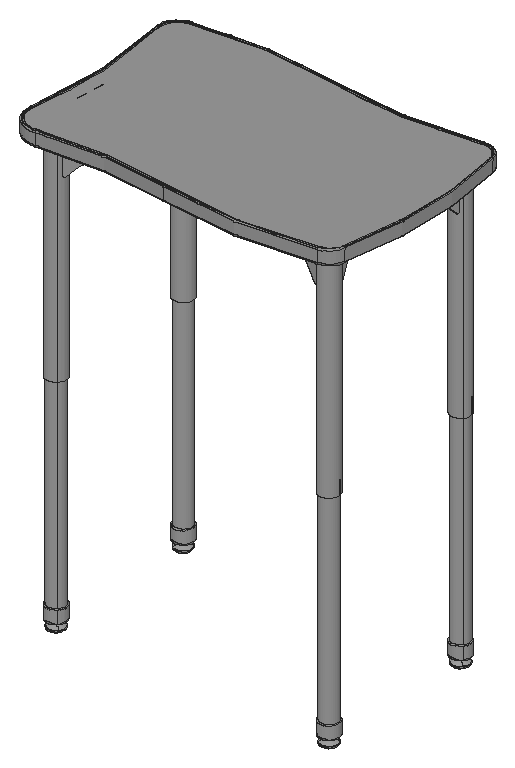
Revit family "Porcelain Steel Creator Rectangle Desk - Standing Height", category Furniture, Revit 2018
Family settings
  Work Plane-Based = No
  Always vertical = Yes
  Cut with Voids When Loaded = No
  Shared = No
  Room Calculation Point = No
Parameters
  Desk Height = 3' - 5"
  Leg Finish = Hierarchy Leg Platinum
  Caster/Glide = Hierarchy Standing Leg - Glide : Hierarchy Standing Leg - Glide
Reference planes (in)
  plane 1 "Center (Front/Back)": y = 0
  plane 2: z = 0
  plane 3 "Center (Left/Right)": x = 0
  plane 4: z = 41
Dimensions and locks (in)
  "Desk Height": plane 4 to level
  aligned and locked: plane 2 to level
  aligned and locked: plane 4 to nested 1
Nested families (in)
  nested 1: "Porcelain Creator Rectangle Desk Tabletop" at (0, 0, 27.70205), type "Porcelain Creator Rectangle Desk Tabletop"
  nested 2: "Hierarchy Standing Leg - Glide" at (-12.46997, 8.01382, 0) x (0.7071, 0.7071, 0) z (0, 0, 1), type <- "Caster/Glide", Leg Finish <- "Leg Finish", Leg Height <- "Desk Height", type "Hierarchy Standing Leg - Glide"
  nested 3: "Hierarchy Standing Leg - Glide" at (-12.30961, -6.90175, 0) x (-0.7076, 0.7066, 0) z (0, 0, 1), type <- "Caster/Glide", Leg Finish <- "Leg Finish", Leg Height <- "Desk Height", type "Hierarchy Standing Leg - Glide"
  nested 4: "Hierarchy Standing Leg - Glide" at (13.78827, -7.92976, 0) x (-0.7242, -0.6896, 0) z (0, 0, 1), Leg Finish <- "Leg Finish", Leg Height <- "Desk Height", type "Hierarchy Standing Leg - Glide"
    with Leg Height 3' - 5", Leg Finish Hierarchy Leg Platinum
  nested 5: "Hierarchy Standing Leg - Glide" at (13.85397, 7.21279, 0) x (0.8121, -0.5836, 0) z (0, 0, 1), Leg Finish <- "Leg Finish", Leg Height <- "Desk Height", type "Hierarchy Standing Leg - Glide"
    with Leg Height 3' - 5", Leg Finish Hierarchy Leg Platinum
Definition of nested family "Porcelain Creator Rectangle Desk Tabletop"
  Parameters (values of type "Porcelain Creator Rectangle Desk Tabletop")
    Surface = none
    Edgeband = none
  Reference planes (in)
    plane 1 "Center (Front/Back)": y = 0
    plane 2: z = 0
    plane 3 "Center (Left/Right)": x = 0
  Forms (in)
    Extrusion 1, solid
      sketch origin (39.28513, -9.17802, 0) x (1, 0, 0) y (0, 1, 0)
        loop
          arc (-39.26399, 18.96346) -> (-46.05969, 19.73649) -> (-52.88567, 19.3061) r 38.85945
          arc (-52.88567, 19.3061) -> (-54.02285, 18.59597) -> (-54.28701, 17.28155) r 1.69291
          arc (-54.28701, 17.28155) -> (-53.44497, 9.9208) -> (-54.00674, 2.53336) r 39.09331
          arc (-54.00674, 2.53336) -> (-53.42548, 0.60971) -> (-51.53698, -0.07724) r 2.24409
          arc (-51.53698, -0.07724) -> (-45.35606, 0.14649) -> (-39.21721, -0.60741) r 39.09331
          arc (-39.21721, -0.60741) -> (-32.03838, -1.38819) -> (-24.83904, -0.82723) r 38.85945
          arc (-24.83904, -0.82723) -> (-23.96336, -0.38874) -> (-23.47703, 0.4613) r 1.69291
          arc (-23.47703, 0.4613) -> (-22.48778, 8.89749) -> (-23.35512, 17.34709) r 38.85945
          arc (-23.35512, 17.34709) -> (-24.05391, 18.38814) -> (-25.27727, 18.66292) r 1.69291
          arc (-25.27727, 18.66292) -> (-32.28418, 18.18244) -> (-39.26399, 18.96346) r 39.09331
      from 13.30541 to 14.53375
    Sweep 2, solid
      path origin (39.28513, -9.17802, 0) x (1, 0, 0) y (0, 1, 0)
        loop
          arc (-39.26399, 18.96346) -> (-46.05969, 19.73649) -> (-52.88567, 19.3061) r 38.85945
          arc (-52.88567, 19.3061) -> (-54.02285, 18.59597) -> (-54.28701, 17.28155) r 1.69291
          arc (-54.28701, 17.28155) -> (-53.44497, 9.9208) -> (-54.00674, 2.53336) r 39.09331
          arc (-54.00674, 2.53336) -> (-53.42548, 0.60971) -> (-51.53698, -0.07724) r 2.24409
          arc (-51.53698, -0.07724) -> (-45.35606, 0.14649) -> (-39.21721, -0.60741) r 39.09331
          arc (-39.21721, -0.60741) -> (-32.03838, -1.38819) -> (-24.83904, -0.82723) r 38.85945
          arc (-24.83904, -0.82723) -> (-23.96336, -0.38874) -> (-23.47703, 0.4613) r 1.69291
          arc (-23.47703, 0.4613) -> (-22.48778, 8.89749) -> (-23.35512, 17.34709) r 38.85945
          arc (-23.35512, 17.34709) -> (-24.05391, 18.38814) -> (-25.27727, 18.66292) r 1.69291
          arc (-25.27727, 18.66292) -> (-32.28418, 18.18244) -> (-39.26399, 18.96346) r 39.09331
      profile origin (-6.77456, 10.55846, 0) x (-0.025146, -0.999684, 0) y (0, 0, 1)
        loop
          line (0, 13.34147) -> (0, 14.50949) -> (0.10571, 14.50949) -> (0.10571, 14.54167)
          arc (0.10571, 14.54167) -> (0.07218, 14.56143) -> (0.03507, 14.57312) r 0.1716
          line (0.03507, 14.57312) -> (-0.03244, 14.57312)
          arc (-0.03244, 14.57312) -> (-0.10136, 14.54458) -> (-0.12991, 14.47566) r 0.09746
          line (-0.12991, 14.47566) -> (-0.12991, 13.3753)
          arc (-0.12991, 13.3753) -> (-0.10137, 13.30639) -> (-0.03246, 13.27785) r 0.09745
          line (-0.03246, 13.27785) -> (0.02521, 13.27783)
          arc (0.02521, 13.27783) -> (0.04767, 13.28412) -> (0.06645, 13.29795) r 0.06478
          line (0.06645, 13.29795) -> (0.06645, 13.34147) -> (0, 13.34147)
  Dimensions and locks (in)
    aligned and locked: plane 2 to level
Definition of nested family "Hierarchy Standing Leg - Glide"
  Parameters (values of type "Hierarchy Standing Leg - Glide")
    Leg Finish [instance] = none
    Leg Height [instance] = 3' - 5"
  Reference planes (in)
    plane 1 "Center (Front/Back)": y = 0
    plane 2: z = 0
    plane 3 "Center (Left/Right)": x = 0
  Forms (in)
    Extrusion 1, solid
      sketch origin (-0.01562, 0, 0) x (1, 0, 0) y (0, 1, 0)
        loop
          circle (0.01563, 0) r 0.79147
      from 2 to 23.175
    Revolve 2, solid
      sketch origin (0, 0, 0) x (1, 0, 0) y (0, 0, 1)
        loop
          line (0, 2) -> (0, 0.74937) -> (0.84838, 0.74937)
          arc (0.84838, 0.74937) -> (0.89342, 0.76803) -> (0.91207, 0.81306) r 0.06369
          line (0.91207, 0.81306) -> (0.91207, 1.93631)
          arc (0.91207, 1.93631) -> (0.89342, 1.98134) -> (0.84838, 2) r 0.06369
          line (0.84838, 2) -> (0, 2)
        axis (0, 2) -> (0, 0.74937)
      angle from 0 to 360
    Revolve 3, solid
      sketch origin (0, 0, 0) x (1, 0, 0) y (0, 0, 1)
        loop
          line (0, 0.75) -> (0, 0) -> (0.74583, 0) -> (0.79147, 0.09013) -> (0.79147, 0.16241) -> (0.12474, 0.5) -> (0.12474, 0.75) -> (0, 0.75)
        axis (0, 0.75) -> (0, 0)
      angle from 0 to 360
  Dimensions and locks (in)
    "Leg Height": nested 1 to level
    aligned and locked: plane 2 to level
  Automatic sketch dimensions
    plane 1 "Center (Front/Back)" to Extrusion 1 sketch curve = 0' - 0"
    Extrusion 1 sketch curve to plane 3 "Center (Left/Right)" = 0' - 0"
    Revolve 2 sketch curve to plane 3 "Center (Left/Right)" = 0' - 0"  (x2)
    plane 3 "Center (Left/Right)" to Revolve 2 sketch curve = 0' - 0.84838"
    Revolve 2 sketch curve to Revolve 2 sketch curve = 0' - 0.84838"
    Revolve 2 sketch curve to Revolve 2 sketch curve = 0' - 0.06369"
    level to Revolve 2 sketch curve = 0' - 0.74937"
    Revolve 2 sketch curve to Revolve 2 sketch curve = 0' - 1.12324"
    Revolve 2 sketch curve to Revolve 2 sketch curve = 0' - 0.13731"
    Revolve 2 sketch curve to Revolve 2 sketch curve = 0' - 0 3/4"
    Revolve 3 sketch curve to plane 3 "Center (Left/Right)" = 0' - 0"  (x2)
    Revolve 3 sketch curve to level = 0' - 0"
    plane 3 "Center (Left/Right)" to Revolve 3 sketch curve = 0' - 0.12474"
    plane 3 "Center (Left/Right)" to Revolve 3 sketch curve = 0' - 0.74583"
    Revolve 3 sketch curve to Revolve 3 sketch curve = 0' - 0.04564"
    level to Revolve 3 sketch curve = 0' - 0.09013"
    Revolve 3 sketch curve to Revolve 3 sketch curve = 0' - 0.07228"
    level to Revolve 3 sketch curve = 0' - 0 1/2"
    Revolve 3 sketch curve to Revolve 3 sketch curve = 0' - 0 1/4"
    Revolve 3 sketch curve to level = 0' - 0 1/8"
    Revolve 3 sketch curve to Revolve 3 sketch curve = 0' - 0 1/8"
    radius of Extrusion 1 sketch curve = 0' - 0.79147"
  Nested families (in)
    nested 1: "Hierarchy Standing Upper Leg 2023" at (0, 0, 0.19983), Leg Finish <- "Leg Finish", type "Hierarchy Standing Upper Leg 2023"
      with Leg Finish none
  Definition of nested family "Hierarchy Standing Upper Leg 2023"
    Parameters (values of type "Hierarchy Standing Upper Leg 2023")
      Leg Finish [instance] = none
    Reference planes (in)
      plane 1 "Center (Front/Back)": y = 0
      plane 2: z = 0
      plane 3 "Center (Left/Right)": x = 0
    Forms (in)
      Extrusion 1, solid, material <- "Leg Finish"
        sketch origin (0, 0, 0) x (1, 0, 0) y (0, 1, 0)
          loop
            circle (0, 0) r 0.9129
        from 20.67418 to 40.67418
      Extrusion 2, solid, material <- "Leg Finish"
        sketch origin (0, 0, 12.998) x (1, 0, 0) y (0, 1, 0)
          loop
            line (-1.70174, 0.19183) -> (-3.96611, -4.49738)
            arc (-3.96611, -4.49738) -> (-3.91977, -5.33444) -> (-3.18615, -5.74016) r 0.86614
            line (-3.18615, -5.74016) -> (3.18615, -5.74016)
            arc (3.18615, -5.74016) -> (3.91977, -5.33444) -> (3.96611, -4.49738) r 0.86614
            line (3.96611, -4.49738) -> (1.70174, 0.19183)
            arc (1.70174, 0.19183) -> (0, 1.25984) -> (-1.70174, 0.19183) r 1.88976
        from 27.67618 to 27.80217
      Extrusion 3, solid, material <- "Leg Finish"
        sketch origin (12.41967, 1.58692, 0) x (0.434844, 0.900506, 0) y (0, 0, 1)
          loop
            arc (-12.68776, 40.67418) -> (-12.80559, 40.56418) -> (-12.70394, 40.43908) r 0.11811
            arc (-12.70394, 40.43908) -> (-9.98192, 39.53509) -> (-7.76426, 37.71614) r 7.87402
            arc (-7.76426, 37.71614) -> (-7.63344, 37.68136) -> (-7.55587, 37.79229) r 0.11811
            line (-7.55587, 37.79229) -> (-7.55587, 40.67418) -> (-12.68776, 40.67418)
        from -11.10976 to -10.98378
      Extrusion 4, solid, material <- "Leg Finish"
        sketch origin (-12.41967, 1.58692, 0) x (-0.434844, 0.900506, 0) y (0, 0, -1)
          loop
            line (-12.68776, -40.67418) -> (-7.55587, -40.67418) -> (-7.55587, -37.79229)
            arc (-7.55587, -37.79229) -> (-7.63344, -37.68136) -> (-7.76426, -37.71614) r 0.11811
            arc (-7.76426, -37.71614) -> (-9.98192, -39.53509) -> (-12.70394, -40.43908) r 7.87402
            arc (-12.70394, -40.43908) -> (-12.80559, -40.56418) -> (-12.68776, -40.67418) r 0.11811
        from -11.10976 to -10.98378
    Dimensions and locks (in)
      aligned and locked: plane 2 to level
